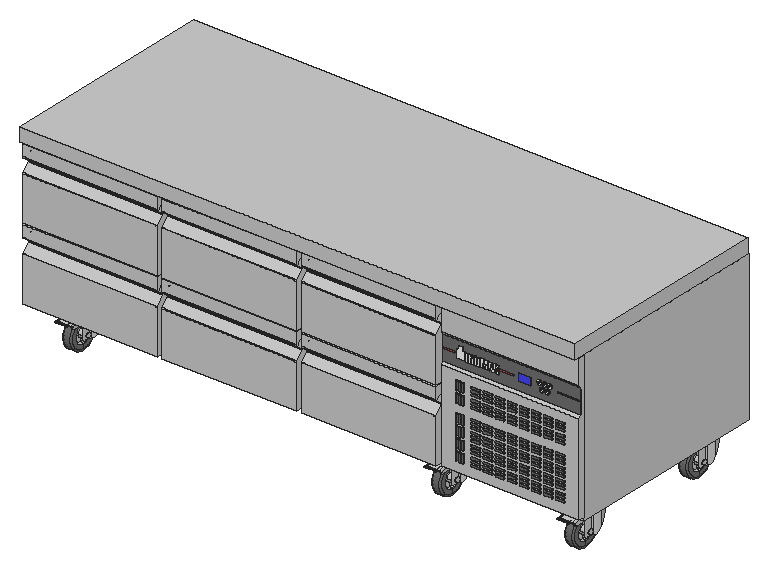
Revit family "QF_INOMAK_PWDP777_250528090058", category Specialty Equipment, Revit 2021 (continued)
Definition of nested family "QF_INOMAK_REF_COUNTERS_DOORS_DRAWERS_16014"
  Definition of nested family "Hinged_Doors"
    Automatic sketch dimensions
      Extrusion 1 sketch curve to Extrusion 1 sketch curve = 0 mm  (x2)
      Extrusion 1 sketch curve to plane 7 "Front legs" = 0 mm  (x2)
      plane 7 "Front legs" to Extrusion 1 sketch curve = 3 mm
      plane 7 "Front legs" to Extrusion 1 sketch curve = 3.461 mm
      plane 7 "Front legs" to Extrusion 1 sketch curve = 10 mm
      Extrusion 1 sketch curve to Extrusion 1 sketch curve = 7 mm
      plane 7 "Front legs" to Extrusion 1 sketch curve = 20 mm  (x2)
      Extrusion 1 sketch curve to Extrusion 1 sketch curve = 46.156 mm
      Extrusion 1 sketch curve to Extrusion 1 sketch curve = 15 mm
      Extrusion 1 sketch curve to Extrusion 1 sketch curve = 5.012 mm
      Extrusion 3 sketch curve to Extrusion 3 sketch curve = 0 mm  (x2)
      Extrusion 3 sketch curve to plane 7 "Front legs" = 0 mm  (x2)
      Extrusion 3 sketch curve to Extrusion 3 sketch curve = 3 mm
      plane 7 "Front legs" to Extrusion 3 sketch curve = 3.461 mm
      plane 7 "Front legs" to Extrusion 3 sketch curve = 10 mm
      Extrusion 3 sketch curve to Extrusion 3 sketch curve = 7 mm
      Extrusion 3 sketch curve to Extrusion 3 sketch curve = 16.539 mm
      Extrusion 3 sketch curve to Extrusion 3 sketch curve = 20 mm
      Extrusion 3 sketch curve to Extrusion 3 sketch curve = 46.156 mm
      Extrusion 3 sketch curve to Extrusion 3 sketch curve = 15 mm
      Extrusion 3 sketch curve to Extrusion 3 sketch curve = 5.012 mm
      Extrusion 4 sketch curve to plane 11 = 0 mm
      Extrusion 4 sketch curve to plane 7 "Front legs" = 0 mm
      Extrusion 4 sketch curve to plane 14 = 0 mm
  Definition of nested family "Hopper"
    Parameters (values of type "Hopper")
      URL = "www.specifiglobal.com"
      Top inset [instance] = 4 mm
      Right panel thickness [instance] = 35 mm
      Rear inset [instance] = 10 mm
      Plinth height [instance] = 150 mm
      Model = ""
      Manufacturer = "DEMO CONSULTANT"
      Length Actual [instance] = 700 mm
      Left panel thickness [instance] = 35 mm
      Hopper [instance] = Doors drawers type = 10  # yes
      Height Actual [instance] = 900 mm
      Front inset [instance] = 10 mm
      Finish [instance] = none
      Doors drawers type [instance] = 10
      Description = ""
      Depth Actual [instance] = 700 mm
      Default Elevation = 0 mm
      Bottom inset [instance] = 4 mm
      Assembly Code = "E1090320"
      2 Drawers = yes
    Reference planes
      plane 1 "Back": y = 0
      plane 2: z = 0
      plane 3 "Left": x = 0
      plane 4 "Right": x = 700
      plane 5 "Front": y = -700
      plane 6 "Top": z = 1050
      plane 7 "Front legs": y = -690
      plane 8 "Legs top": z = 150
      plane 9 "Backsplash thickness": y = -10
      plane 10 "Left panel": x = 35
      plane 11 "Right panel": x = 665
      plane 12: z = 1046
      plane 13: z = 154
    Forms (mm)
      Extrusion 1, solid, material <- "Finish", visible <- "Hopper"
        sketch origin (35, 0, 0) x (0, -1, 0) y (0, 0, 1)
          loop
            line (690, 154) -> (690, 960.365)
            arc (690, 960.365) -> (689.866, 961.037) -> (689.485, 961.607) r 1.757
            line (689.485, 961.607) -> (666.663, 984.429)
            arc (666.663, 984.429) -> (665.976, 985.458) -> (665.734, 986.672) r 3.172
            line (665.734, 986.672) -> (665.734, 1013.576)
            arc (665.734, 1013.576) -> (666.433, 1015.262) -> (668.119, 1015.961) r 2.385
            line (668.119, 1015.961) -> (680.029, 1015.961) -> (686.544, 1006.657)
            arc (686.544, 1006.657) -> (688.671, 1005.935) -> (690, 1007.747) r 1.9
            line (690, 1007.747) -> (690, 1046) -> (648, 1046) -> (648, 154) -> (690, 154)
        from 0 to -630
      Extrusion 2, solid, visible <- "Hopper", detail levels coarse
        sketch origin (35, 0, 0) x (0, -1, 0) y (0, 0, 1)
          loop
            line (690, 154) -> (1265, 154) -> (1265, 1046) -> (690, 1046) -> (690, 154)
        from 0 to -630
    Lines and regions (mm)
      symbolic lines, visible <- "Hopper"
        curve 1: line (35, -1225, 900) -> (35, -1265, 900)
        curve 2: line (35, -1265, 900) -> (665, -1265, 900)
        curve 3: line (665, -1265, 900) -> (665, -1225, 900)
        curve 4: line (665, -1225, 900) -> (35, -1225, 900)
        curve 5: line (635, -1225, 900) -> (635, -700, 900)
        curve 6: line (65, -1225, 900) -> (65, -700, 900)
    Dimensions and locks
      "Length Actual": plane 3 "Left" to plane 4 "Right"
      "Depth Actual": plane 5 "Front" to plane 1 "Back"
      "Height Actual": plane 6 "Top" to plane 8 "Legs top"
      "Front inset": plane 7 "Front legs" to plane 5 "Front"
      "Plinth height": plane 8 "Legs top" to plane 2
      "Rear inset": plane 9 "Backsplash thickness" to plane 1 "Back"
      "Right panel thickness": plane 11 "Right panel" to plane 4 "Right"
      "Left panel thickness": plane 3 "Left" to plane 10 "Left panel"
      "Top inset": plane 12 to plane 6 "Top"
      "Bottom inset": plane 13 to plane 8 "Legs top"
      aligned and locked: level to plane 2
      aligned and locked: Extrusion 1 to plane 11 "Right panel"
      aligned and locked: Extrusion 2 to plane 11 "Right panel"
      aligned and locked: plane 10 "Left panel" to Extrusion 2
      aligned and locked: Extrusion 1 sketch curve to plane 12
      aligned and locked: Extrusion 1 sketch curve to Extrusion 2
      aligned and locked: Extrusion 1 sketch curve to plane 13
    Automatic sketch dimensions
      Extrusion 1 sketch curve to Extrusion 1 sketch curve = 17.734 mm
      Extrusion 1 sketch curve to Extrusion 1 sketch curve = 0.929 mm
      Extrusion 1 sketch curve to Extrusion 1 sketch curve = 2.385 mm
      Extrusion 1 sketch curve to Extrusion 1 sketch curve = 3.172 mm
      Extrusion 1 sketch curve to Extrusion 1 sketch curve = 11.91 mm
      Extrusion 1 sketch curve to Extrusion 1 sketch curve = 6.515 mm
      Extrusion 1 sketch curve to Extrusion 1 sketch curve = 1.556 mm
      Extrusion 1 sketch curve to Extrusion 1 sketch curve = 21.58 mm
      Extrusion 1 sketch curve to Extrusion 1 sketch curve = 1.242 mm
      Extrusion 1 sketch curve to Extrusion 1 sketch curve = 1.9 mm
      Extrusion 1 sketch curve to Extrusion 1 sketch curve = 0.515 mm
      Extrusion 1 sketch curve to Extrusion 1 sketch curve = 22.822 mm
      Extrusion 1 sketch curve to Extrusion 1 sketch curve = 19.985 mm
      Extrusion 1 sketch curve to Extrusion 1 sketch curve = 6.919 mm
      Extrusion 1 sketch curve to Extrusion 1 sketch curve = 30.039 mm
      Extrusion 2 sketch curve to plane 7 "Front legs" = 0 mm
      plane 13 to Extrusion 2 sketch curve = 0 mm
      plane 12 to Extrusion 2 sketch curve = 0 mm
      Extrusion 2 sketch curve to plane 5 "Front" = 565 mm
      curve 1 to plane 10 "Left panel" = 0 mm
      curve 2 to plane 11 "Right panel" = 0 mm
      curve 6 to plane 5 "Front" = 0 mm
      curve 5 to plane 5 "Front" = 0 mm
      curve 4 to plane 5 "Front" = 525 mm
      curve 3 to curve 3 = 40 mm
      plane 11 "Right panel" to curve 5 = 30 mm
      curve 6 to plane 10 "Left panel" = 30 mm
Definition of nested family "QF_INOMAK_REF_COUNTERS_DOORS_DRAWERS_25485"
  Parameters (values of type "DR-LX-710")
    Weight [instance] = 0.00 kg
    Warranty Start Date [instance] = ""
    Warranty Duration [instance] = ""
    URL Cutsheet [instance] = ""
    URL = "www.inomak.com"
    Top inset [instance] = 10 mm
    Technical Documentation [instance] = ""
    Tag Number [instance] = ""
    Status [instance] = ""
    Specification by User [instance] = ""
    Specification by Manufacturer [instance] = ""
    Sound Level [instance] = ""
    Solid Fuel Type [instance] = ""
    Show Logo [instance] = yes
    Show Clearances [instance] = yes
    Service Life Duration [instance] = ""
    Serial Number [instance] = ""
    Seismic Rating [instance] = ""
    SMACNA No [instance] = ""
    Right panel thickness [instance] = 0 mm
    Revision Code [instance] = ""
    Revision [instance] = ""
    Rear inset [instance] = 0 mm
    Production Year [instance] = ""
    Point Load [instance] = 0
    Plinth height [instance] = 0 mm
    Other Equipment Approvals [instance] = ""
    NAFEM Spec ID Number [instance] = ""
    Model Warning [instance] = ""
    Model = "DR-LX-710"
    Masterspec [instance] = ""
    Manufacturer = "INOMAK"
    Length Actual [instance] = 435 mm
    Left panel thickness [instance] = 0 mm
    Item Number [instance] = ""
    Installed By [instance] = ""
    Installation Date [instance] = ""
    Identify Quantity as Lot [instance] = yes
    ID [instance] = ""
    Hygiene Approval [instance] = ""
    Height Actual [instance] = 710 mm
    Furnished By [instance] = ""
    Front inset [instance] = 10 mm
    Foodservice Equipment Identifier [instance] = yes
    Finish [instance] = none
    ETL Approved [instance] = yes
    Doors drawers type [instance] = 8
    Description = "LEFT HINGED DOOR"
    Depth Actual [instance] = 700 mm
    Default Elevation = 0 mm
    CSI MasterFormat [instance] = ""
    CE Approved [instance] = yes
    Bottom inset [instance] = 10 mm
    Barcode [instance] = ""
    Author [instance] = ""
    Asset Identifier [instance] = ""
    Assembly Code = "E1090320"
    Accessory [instance] = yes
  Types (9, lengths in mm): name | Model | Height Actual | Doors drawers type | Description
    DW-2-710 | "DW-2-710" | 710 | 4 | "2 X GN 1/2 DRAWERS"
    DR-LX-710 | "DR-LX-710" | 710 | 8 | "LEFT HINGED DOOR"
    DR-RX-710 | "DR-RX-710" | 710 | 9 | "RIGHT HINGED DOOR"
    DW-3-710 | "DW-3-710" | 710 | 6 | "3 X GN 1/3 DRAWERS"
    DW-B-710 | "DW-B-710" | 710 | 5 | "1 X GN 1/3 & 1 X GN 2/3 DRAWERS"
    DW-2-483 | "DW-2-483" | 483 | 4 | "2 X GN 1/3 DRAWERS"
    DR-LX-483 | "DR-LX-483" | 483 | 8 | "LEFT HINGED DOOR"
    DR-RX-483 | "DR-RX-483" | 483 | 9 | "RIGHT HINGED DOOR"
    DW-1-483 | "DW-1-483" | 483 | 10 | "1 X GN 2/3 DRAWER"
  Reference planes
    plane 1 "Front": y = 0
    plane 2: z = 0
    plane 3 "Left": x = 0
    plane 4 "Right": x = 435
    plane 5 "Back": y = 700
    plane 6 "Top": z = 710
    plane 7 "Bottom shelf": z = 0
    plane 8: z = 700
    plane 9: z = 10
    plane 10: x = 0
    plane 11: x = 435
    plane 12 "Center Top Bottom": z = 355
  Lines and regions (mm)
    reference lines
      curve 1: line (0, 0, 355) -> (0, 25, 355)
      curve 2: line (435, 0, 355) -> (435, 25, 355)
      curve 3: line (0, 700, 355) -> (435, 700, 355)
      curve 4: line (0, 0, 355) -> (435, 0, 355)
  Dimensions and locks
    "Length Actual": plane 3 "Left" to plane 4 "Right"
    "Depth Actual": plane 1 "Front" to plane 5 "Back"
    "Height Actual": plane 6 "Top" to plane 7 "Bottom shelf"
    "Plinth height": plane 7 "Bottom shelf" to plane 2
    "Top inset": plane 6 "Top" to plane 8
    "Bottom inset": plane 9 to plane 7 "Bottom shelf"
    "Left panel thickness": plane 3 "Left" to plane 10
    "Right panel thickness": plane 11 to plane 4 "Right"
    equal spacing: plane 6 "Top", plane 12 "Center Top Bottom", plane 7 "Bottom shelf"
    "Length Actual": curve 1 to plane 4 "Right"
    "Length Actual": plane 3 "Left" to curve 2
    "Depth Actual": plane 1 "Front" to curve 3
    "Depth Actual": plane 5 "Back" to curve 4
    aligned and locked: level to plane 2
    aligned and locked: plane 3 "Left" to nested 1
    aligned and locked: plane 3 "Left" to nested 2
    aligned and locked: plane 3 "Left" to nested 3
    aligned and locked: plane 3 "Left" to nested 4
    aligned and locked: plane 3 "Left" to nested 5
    aligned and locked: plane 3 "Left" to nested 6
    aligned and locked: plane 3 "Left" to nested 7
    aligned and locked: plane 3 "Left" to nested 8
    aligned and locked: plane 3 "Left" to nested 9
    aligned and locked: nested 4 to plane 1 "Front"
    aligned and locked: nested 6 to plane 1 "Front"
    aligned and locked: nested 8 to plane 1 "Front"
    aligned and locked: nested 5 to plane 1 "Front"
    aligned and locked: nested 3 to plane 1 "Front"
    aligned and locked: nested 7 to plane 1 "Front"
    aligned and locked: nested 2 to plane 1 "Front"
    aligned and locked: nested 1 to plane 1 "Front"
    aligned and locked: nested 9 to plane 1 "Front"
  Automatic sketch dimensions
    curve 3 to plane 4 "Right" = 0 mm
    curve 3 to plane 3 "Left" = 0 mm
    curve 2 to curve 2 = 25 mm
    curve 1 to curve 1 = 25 mm
  Nested families
    nested 1: "Right_Door" at (0, 700, 0), Depth Actual <- "Depth Actual", Height Actual <- "Height Actual", Length Actual <- "Length Actual", Front inset <- "Front inset", Rear inset <- "Rear inset", Left panel thickness <- "Left panel thickness", Right panel thickness <- "Right panel thickness", Doors drawers type <- "Doors drawers type", Plinth height <- "Plinth height", Top inset <- "Top inset", Bottom inset <- "Bottom inset", type "Right door"
      with Top inset 10 mm, Right panel thickness 0 mm, Right hand hinged door no, Rear inset 0 mm, Plinth height 0 mm, Length Actual 435 mm, Left panel thickness 0 mm, Height Actual 710 mm, Front inset 10 mm, Doors drawers type 8, Depth Actual 700 mm, Bottom inset 10 mm
    nested 2: "Left_Door" at (0, 700, 0), Depth Actual <- "Depth Actual", Height Actual <- "Height Actual", Length Actual <- "Length Actual", Front inset <- "Front inset", Rear inset <- "Rear inset", Left panel thickness <- "Left panel thickness", Right panel thickness <- "Right panel thickness", Doors drawers type <- "Doors drawers type", Plinth height <- "Plinth height", Top inset <- "Top inset", Bottom inset <- "Bottom inset", type "Left door"
      with Top inset 10 mm, Right panel thickness 0 mm, Rear inset 0 mm, Plinth height 0 mm, Length Actual 435 mm, Left panel thickness 0 mm, Left hand hinged door yes, Height Actual 710 mm, Front inset 10 mm, Doors drawers type 8, Depth Actual 700 mm, Bottom inset 10 mm
    nested 3: "3_Drawers_1-3" at (0, 700, 0), Depth Actual <- "Depth Actual", Height Actual <- "Height Actual", Length Actual <- "Length Actual", Front inset <- "Front inset", Rear inset <- "Rear inset", Left panel thickness <- "Left panel thickness", Right panel thickness <- "Right panel thickness", Doors drawers type <- "Doors drawers type", Plinth height <- "Plinth height", Top inset <- "Top inset", Bottom inset <- "Bottom inset", type "3 Drawers 1-3"
      with Top inset 10 mm, Right panel thickness 0 mm, Rear inset 0 mm, Plinth height 0 mm, Length Actual 435 mm, Left panel thickness 0 mm, Height Actual 710 mm, Front inset 10 mm, Doors drawers type 8, Depth Actual 700 mm, Bottom inset 10 mm, 3 Drawers no
    nested 4: "2_Drawers_1-2" at (0, 700, 0), Depth Actual <- "Depth Actual", Height Actual <- "Height Actual", Length Actual <- "Length Actual", Front inset <- "Front inset", Rear inset <- "Rear inset", Left panel thickness <- "Left panel thickness", Right panel thickness <- "Right panel thickness", Doors drawers type <- "Doors drawers type", Plinth height <- "Plinth height", Top inset <- "Top inset", Bottom inset <- "Bottom inset", type "2 Drawers 1-2"
      with Top inset 10 mm, Right panel thickness 0 mm, Rear inset 0 mm, Plinth height 0 mm, Length Actual 435 mm, Left panel thickness 0 mm, Height Actual 710 mm, Front inset 10 mm, Doors drawers type 8, Depth Actual 700 mm, Bottom inset 10 mm, 2 Drawers no
    nested 5: "2_Drawers_1-3_2-3" at (0, 700, 0), Depth Actual <- "Depth Actual", Height Actual <- "Height Actual", Length Actual <- "Length Actual", Front inset <- "Front inset", Rear inset <- "Rear inset", Left panel thickness <- "Left panel thickness", Right panel thickness <- "Right panel thickness", Doors drawers type <- "Doors drawers type", Plinth height <- "Plinth height", Top inset <- "Top inset", Bottom inset <- "Bottom inset", type "2 Drawers 1-3 and 2-3"
      with Top inset 10 mm, Right panel thickness 0 mm, Rear inset 0 mm, Plinth height 0 mm, Length Actual 435 mm, Left panel thickness 0 mm, Height Actual 710 mm, Front inset 10 mm, Doors drawers type 8, Depth Actual 700 mm, Bottom inset 10 mm, 2 Drawers 1-3 and 2-3 no
    nested 6: "Sliding_Doors" at (0, 700, 0), Depth Actual <- "Depth Actual", Height Actual <- "Height Actual", Length Actual <- "Length Actual", Front inset <- "Front inset", Rear inset <- "Rear inset", Left panel thickness <- "Left panel thickness", Right panel thickness <- "Right panel thickness", Doors drawers type <- "Doors drawers type", Plinth height <- "Plinth height", Top inset <- "Top inset", Bottom inset <- "Bottom inset", Finish <- "Finish", type "Sliding doors"
      with Top inset 10 mm, Sliding doors no, Right panel thickness 0 mm, Rear inset 0 mm, Plinth height 0 mm, Length Actual 435 mm, Left panel thickness 0 mm, Height Actual 710 mm, Front inset 10 mm, Finish none, Doors drawers type 8, Depth Actual 700 mm, Bottom inset 10 mm
    nested 7: "4_Drawers_1-4" at (0, 700, 0), Depth Actual <- "Depth Actual", Height Actual <- "Height Actual", Length Actual <- "Length Actual", Front inset <- "Front inset", Rear inset <- "Rear inset", Left panel thickness <- "Left panel thickness", Right panel thickness <- "Right panel thickness", Doors drawers type <- "Doors drawers type", Plinth height <- "Plinth height", Top inset <- "Top inset", Bottom inset <- "Bottom inset", Finish <- "Finish", type "4 Drawers 1-4"
      with Top inset 10 mm, Right panel thickness 0 mm, Rear inset 0 mm, Plinth height 0 mm, Length Actual 435 mm, Left panel thickness 0 mm, Height Actual 710 mm, Front inset 10 mm, Finish none, Doors drawers type 8, Depth Actual 700 mm, Bottom inset 10 mm, 4 Drawers no
    nested 8: "Hinged_Doors" at (0, 700, 0), Length Actual <- "Length Actual", Depth Actual <- "Depth Actual", Height Actual <- "Height Actual", Front inset <- "Front inset", Rear inset <- "Rear inset", Left panel thickness <- "Left panel thickness", Right panel thickness <- "Right panel thickness", Doors drawers type <- "Doors drawers type", Plinth height <- "Plinth height", Top inset <- "Top inset", Bottom inset <- "Bottom inset", Finish <- "Finish", type "Hinged doors"
      with Top inset 10 mm, Right panel thickness 0 mm, Rear inset 0 mm, Plinth height 0 mm, Length Actual 435 mm, Left panel thickness 0 mm, Hinged doors no, Height Actual 710 mm, Front inset 10 mm, Finish none, Doors drawers type 8, Depth Actual 700 mm, Bottom inset 10 mm
    nested 9: "Hopper" at (0, 700, 1.284), Length Actual <- "Length Actual", Depth Actual <- "Depth Actual", Height Actual <- "Height Actual", Front inset <- "Front inset", Rear inset <- "Rear inset", Left panel thickness <- "Left panel thickness", Right panel thickness <- "Right panel thickness", Doors drawers type <- "Doors drawers type", Plinth height <- "Plinth height", Top inset <- "Top inset", Bottom inset <- "Bottom inset", Finish <- "Finish", type "Hopper"
      with Top inset 10 mm, Right panel thickness 0 mm, Rear inset 0 mm, Plinth height 0 mm, Length Actual 435 mm, Left panel thickness 0 mm, Hopper no, Height Actual 710 mm, Front inset 10 mm, Finish none, Doors drawers type 8, Depth Actual 700 mm, Bottom inset 10 mm
  Definition of nested family "Left_Door"
    Parameters (values of type "Left door")
      URL = "www.specifiglobal.com"
      Top inset [instance] = 10 mm
      Right panel thickness [instance] = 0 mm
      Rear inset [instance] = 0 mm
      Plinth height [instance] = 150 mm
      Model = ""
      Manufacturer = "DEMO CONSULTANT"
      Length Actual [instance] = 700 mm
      Left panel thickness [instance] = 0 mm
      Left hand hinged door [instance] = Doors drawers type = 8  # yes
      Height Actual [instance] = 710 mm
      Front inset [instance] = 10 mm
      Finish = none
      Doors drawers type [instance] = 8
      Description = ""
      Depth Actual [instance] = 700 mm
      Default Elevation = 0 mm
      Bottom inset [instance] = 0 mm
      Assembly Code = "E1090320"
    Reference planes
      plane 1 "Back": y = 0
      plane 2: z = 0
      plane 3 "Left": x = 0
      plane 4 "Right": x = 700
      plane 5 "Front": y = -700
      plane 6 "Top": z = 860
      plane 7 "Front legs": y = -690
      plane 8 "Legs top": z = 150
      plane 9 "Backsplash thickness": y = 0
      plane 10 "Left panel": x = 0
      plane 11 "Right panel": x = 700
      plane 12: z = 850
      plane 13: z = 150
    Forms (mm)
      Extrusion 1, solid, material <- "Finish", visible <- "Left hand hinged door"
        sketch origin (0, 0, 0) x (0, -1, 0) y (0, 0, 1)
          loop
            line (690, 150) -> (690, 764.365)
            arc (690, 764.365) -> (689.866, 765.037) -> (689.485, 765.607) r 1.757
            line (689.485, 765.607) -> (666.663, 788.429)
            arc (666.663, 788.429) -> (665.976, 789.458) -> (665.734, 790.672) r 3.172
            line (665.734, 790.672) -> (665.734, 817.576)
            arc (665.734, 817.576) -> (666.433, 819.262) -> (668.119, 819.961) r 2.385
            line (668.119, 819.961) -> (680.029, 819.961) -> (686.544, 810.657)
            arc (686.544, 810.657) -> (688.671, 809.935) -> (690, 811.747) r 1.9
            line (690, 811.747) -> (690, 850) -> (648, 850) -> (648, 150) -> (690, 150)
        from 0 to -700
      Extrusion 2, solid, visible <- "Left hand hinged door", detail levels coarse
        sketch origin (0, -700, 150) x (-1, 0, 0) y (0, 1, 0)
          loop
            arc (-700, 10) -> (-495.871, -481.066) -> (0, -673.23) r 677.11
            line (0, -673.23) -> (0, 10) -> (-700, 10)
        from 0 to -700
    Lines and regions (mm)
      symbolic lines, visible <- "Left hand hinged door"
        curve 1: line (0, -700, 150) -> (0, -1373.247, 150)
        curve 2: arc (0, -1373.247, 150) -> (492.316, -1184.595, 150) -> (700, -700, 150) r 676.963
    Dimensions and locks
      "Length Actual": plane 3 "Left" to plane 4 "Right"
      "Depth Actual": plane 5 "Front" to plane 1 "Back"
      "Height Actual": plane 6 "Top" to plane 8 "Legs top"
      "Front inset": plane 7 "Front legs" to plane 5 "Front"
      "Plinth height": plane 8 "Legs top" to plane 2
      "Rear inset": plane 9 "Backsplash thickness" to plane 1 "Back"
      "Right panel thickness": plane 11 "Right panel" to plane 4 "Right"
      "Left panel thickness": plane 3 "Left" to plane 10 "Left panel"
      "Top inset": plane 6 "Top" to plane 12
      "Bottom inset": plane 13 to plane 8 "Legs top"
      aligned and locked: level to plane 2
      aligned and locked: Extrusion 1 to plane 11 "Right panel"
      aligned and locked: plane 10 "Left panel" to Extrusion 2 sketch curve
      aligned and locked: plane 11 "Right panel" to Extrusion 2 sketch curve
      aligned and locked: Extrusion 2 sketch curve to plane 10 "Left panel"
      aligned and locked: plane 7 "Front legs" to Extrusion 2 sketch curve
      aligned and locked: plane 7 "Front legs" to Extrusion 2
      aligned and locked: plane 10 "Left panel" to Extrusion 2
      aligned and locked: Extrusion 2 to plane 12
      aligned and locked: Extrusion 1 sketch curve to plane 13
      aligned and locked: Extrusion 1 sketch curve to plane 7 "Front legs"
      aligned and locked: Extrusion 1 sketch curve to plane 12
    Automatic sketch dimensions
      Extrusion 1 sketch curve to Extrusion 1 sketch curve = 1.556 mm
      Extrusion 1 sketch curve to Extrusion 1 sketch curve = 11.91 mm
      Extrusion 1 sketch curve to Extrusion 1 sketch curve = 2.243 mm
      Extrusion 1 sketch curve to Extrusion 1 sketch curve = 2.385 mm
      Extrusion 1 sketch curve to Extrusion 1 sketch curve = 20.119 mm
      Extrusion 1 sketch curve to Extrusion 1 sketch curve = 22.822 mm
      Extrusion 1 sketch curve to Extrusion 1 sketch curve = 19.985 mm
      Extrusion 1 sketch curve to Extrusion 1 sketch curve = 6.919 mm
      Extrusion 1 sketch curve to Extrusion 1 sketch curve = 30.039 mm
      plane 7 "Front legs" to Extrusion 1 sketch curve = 42 mm
      Extrusion 1 sketch curve to Extrusion 1 sketch curve = 0.929 mm
      Extrusion 1 sketch curve to Extrusion 1 sketch curve = 6.515 mm
      Extrusion 1 sketch curve to Extrusion 1 sketch curve = 1.242 mm
      Extrusion 1 sketch curve to Extrusion 1 sketch curve = 1.9 mm
      Extrusion 1 sketch curve to Extrusion 1 sketch curve = 0.515 mm
      plane 5 "Front" to Extrusion 2 sketch curve = 3.492 mm
      plane 3 "Left" to Extrusion 2 sketch curve = 22.921 mm
      curve 1 to plane 3 "Left" = 0 mm
      curve 2 to plane 4 "Right" = 0 mm
      curve 2 to plane 5 "Front" = 0 mm
      curve 1 to plane 5 "Front" = 0 mm
      plane 5 "Front" to curve 2 = 3.324 mm
      plane 3 "Left" to curve 2 = 23.045 mm
  Definition of nested family "Right_Door"
    Parameters (values of type "Right door")
      URL = "www.specifiglobal.com"
      Top inset [instance] = 4 mm
      Right panel thickness [instance] = 35 mm
      Right hand hinged door [instance] = Doors drawers type = 9  # yes
      Rear inset [instance] = 10 mm
      Plinth height [instance] = 150 mm
      Model = ""
      Manufacturer = "DEMO CONSULTANT"
      Length Actual [instance] = 1700 mm
      Left panel thickness [instance] = 35 mm
      Height Actual [instance] = 900 mm
      Front inset [instance] = 10 mm
      Finish = none
      Doors drawers type [instance] = 9
      Description = ""
      Depth Actual [instance] = 700 mm
      Default Elevation = 0 mm
      Bottom inset [instance] = 4 mm
      Assembly Code = "E1090320"
    Reference planes
      plane 1 "Back": y = 0
      plane 2: z = 0
      plane 3 "Left": x = 0
      plane 4 "Right": x = 1700
      plane 5 "Front": y = -700
      plane 6 "Top": z = 1050
      plane 7 "Front legs": y = -690
      plane 8 "Legs top": z = 150
      plane 9 "Backsplash thickness": y = -10
      plane 10 "Left panel": x = 35
      plane 11 "Right panel": x = 1665
      plane 12: z = 1046
      plane 13: z = 154
    Forms (mm)
      Extrusion 1, solid, material <- "Finish", visible <- "Right hand hinged door"
        sketch origin (35, 0, 0) x (0, -1, 0) y (0, 0, 1)
          loop
            line (690, 154) -> (690, 960.365)
            arc (690, 960.365) -> (689.866, 961.037) -> (689.485, 961.607) r 1.757
            line (689.485, 961.607) -> (666.663, 984.429)
            arc (666.663, 984.429) -> (665.976, 985.458) -> (665.734, 986.672) r 3.172
            line (665.734, 986.672) -> (665.734, 1013.576)
            arc (665.734, 1013.576) -> (666.433, 1015.262) -> (668.119, 1015.961) r 2.385
            line (668.119, 1015.961) -> (680.029, 1015.961) -> (686.544, 1006.657)
            arc (686.544, 1006.657) -> (688.671, 1005.935) -> (690, 1007.747) r 1.9
            line (690, 1007.747) -> (690, 1046) -> (648, 1046) -> (648, 154) -> (690, 154)
        from 0 to -1630
      Extrusion 2, solid, visible <- "Right hand hinged door", detail levels coarse
        sketch origin (0, -700, 154) x (-1, 0, 0) y (0, 1, 0)
          loop
            line (-1665, 10) -> (-1665, -1637.12)
            arc (-1665, -1637.12) -> (-517.894, -1142.214) -> (-35, 10) r 1670.236
            line (-35, 10) -> (-1665, 10)
        from 0 to -892
    Lines and regions (mm)
      symbolic lines, visible <- "Right hand hinged door"
        curve 1: line (1665, -2337.12, 150) -> (1665, -700, 150)
        curve 2: arc (1665, -2337.12, 150) -> (521.415, -1845.762, 150) -> (35.165, -699.995, 150) r 1670.236
    Dimensions and locks
      "Length Actual": plane 3 "Left" to plane 4 "Right"
      "Depth Actual": plane 5 "Front" to plane 1 "Back"
      "Height Actual": plane 6 "Top" to plane 8 "Legs top"
      "Front inset": plane 7 "Front legs" to plane 5 "Front"
      "Plinth height": plane 8 "Legs top" to plane 2
      "Rear inset": plane 9 "Backsplash thickness" to plane 1 "Back"
      "Right panel thickness": plane 11 "Right panel" to plane 4 "Right"
      "Left panel thickness": plane 3 "Left" to plane 10 "Left panel"
      "Top inset": plane 6 "Top" to plane 12
      "Bottom inset": plane 13 to plane 8 "Legs top"
      aligned and locked: level to plane 2
      aligned and locked: Extrusion 1 to plane 11 "Right panel"
      aligned and locked: plane 10 "Left panel" to Extrusion 2 sketch curve
      aligned and locked: plane 11 "Right panel" to Extrusion 2 sketch curve
      aligned and locked: plane 7 "Front legs" to Extrusion 2
      aligned and locked: plane 7 "Front legs" to Extrusion 2 sketch curve
      aligned and locked: Extrusion 2 sketch curve to plane 11 "Right panel"
      aligned and locked: curve 1 to Extrusion 2
      aligned and locked: plane 5 "Front" to curve 1
      aligned and locked: Extrusion 2 to plane 12
      aligned and locked: Extrusion 1 sketch curve to plane 12
      aligned and locked: Extrusion 1 sketch curve to plane 7 "Front legs"
      aligned and locked: Extrusion 1 sketch curve to plane 13
      aligned and locked: curve 2 to Extrusion 2
    Automatic sketch dimensions
      Extrusion 1 sketch curve to Extrusion 1 sketch curve = 1.556 mm
      Extrusion 1 sketch curve to Extrusion 1 sketch curve = 11.91 mm
      Extrusion 1 sketch curve to Extrusion 1 sketch curve = 2.243 mm
      Extrusion 1 sketch curve to Extrusion 1 sketch curve = 2.385 mm
      Extrusion 1 sketch curve to Extrusion 1 sketch curve = 20.119 mm
      Extrusion 1 sketch curve to Extrusion 1 sketch curve = 22.822 mm
      Extrusion 1 sketch curve to Extrusion 1 sketch curve = 19.985 mm
      Extrusion 1 sketch curve to Extrusion 1 sketch curve = 6.919 mm
      Extrusion 1 sketch curve to Extrusion 1 sketch curve = 30.039 mm
      plane 7 "Front legs" to Extrusion 1 sketch curve = 42 mm
      Extrusion 1 sketch curve to Extrusion 1 sketch curve = 0.929 mm
      Extrusion 1 sketch curve to Extrusion 1 sketch curve = 6.515 mm
      Extrusion 1 sketch curve to Extrusion 1 sketch curve = 1.242 mm
      Extrusion 1 sketch curve to Extrusion 1 sketch curve = 1.9 mm
      Extrusion 1 sketch curve to Extrusion 1 sketch curve = 0.515 mm
      Extrusion 2 sketch curve to plane 4 "Right" = 5.083 mm
      plane 7 "Front legs" to Extrusion 2 sketch curve = 22.635 mm
      plane 5 "Front" to curve 2 = 0.005 mm
  Definition of nested family "3_Drawers_1-3"
    Parameters (values of type "3 Drawers 1-3")
      URL = "www.specifiglobal.com"
      Top inset [instance] = 4 mm
      Right panel thickness [instance] = 35 mm
      Rear inset [instance] = 10 mm
      Plinth height [instance] = 150 mm
      Model = ""
      Manufacturer = "DEMO CONSULTANT"
      Length Actual [instance] = 1200 mm
      Left panel thickness [instance] = 35 mm
      Height Actual [instance] = 900 mm
      Front inset [instance] = 10 mm
      Finish = none
      Doors drawers type [instance] = 6
      Description = ""
      Depth Actual [instance] = 700 mm
      Default Elevation = 0 mm
      Bottom inset [instance] = 4 mm
      Assembly Code = "E1090320"
      3 Drawers [instance] = Doors drawers type = 6  # yes
    Reference planes
      plane 1 "Back": y = 0
      plane 2: z = 0
      plane 3 "Left": x = 0
      plane 4 "Right": x = 1200
      plane 5 "Front": y = -700
      plane 6 "Top": z = 1050
      plane 7 "Front legs": y = -690
      plane 8 "Legs top": z = 150
      plane 9 "Backsplash thickness": y = -10
      plane 10 "Left panel": x = 35
      plane 11 "Right panel": x = 1165
      plane 12: z = 749.333
      plane 13: z = 1046
      plane 14: z = 751.667
      plane 15: z = 747
      plane 16: z = 1048
      plane 17: z = 450.667
      plane 18: z = 453.333
      plane 19: z = 448
      plane 20: z = 154
      plane 21: z = 152
    Forms (mm)
      Extrusion 1, solid, material <- "Finish", visible <- "3 Drawers"
        sketch origin (35, 0, 0) x (0, -1, 0) y (0, 0, 1)
          loop
            line (690, 751.667) -> (690, 960.365)
            arc (690, 960.365) -> (689.866, 961.037) -> (689.485, 961.607) r 1.757
            line (689.485, 961.607) -> (666.663, 984.429)
            arc (666.663, 984.429) -> (665.976, 985.458) -> (665.734, 986.672) r 3.172
            line (665.734, 986.672) -> (665.734, 1013.576)
            arc (665.734, 1013.576) -> (666.433, 1015.262) -> (668.119, 1015.961) r 2.385
            line (668.119, 1015.961) -> (680.029, 1015.961) -> (686.544, 1006.657)
            arc (686.544, 1006.657) -> (688.671, 1005.935) -> (690, 1007.747) r 1.9
            line (690, 1007.747) -> (690, 1046) -> (648, 1046) -> (648, 751.667) -> (690, 751.667)
        from 0 to -1130
      Extrusion 2, solid, visible <- "3 Drawers", detail levels coarse
        sketch origin (0, -640.463, 751.667) x (0, 1, 0) y (-1, 0, 0)
          loop
            line (-49.537, -35) -> (-624.582, -35) -> (-624.582, -1165) -> (-49.537, -1165) -> (-49.537, -35)
        from 0 to 294.333
      Extrusion 3, solid, visible <- "3 Drawers", detail levels coarse
        sketch origin (0, -640.463, 453.333) x (0, 1, 0) y (-1, 0, 0)
          loop
            line (-49.537, -35) -> (-624.582, -35) -> (-624.582, -1165) -> (-49.537, -1165) -> (-49.537, -35)
        from 0 to 293.667
      Extrusion 4, solid, visible <- "3 Drawers", detail levels coarse
        sketch origin (0, -700, 154) x (-1, 0, 0) y (0, 1, 0)
          loop
            line (-35, 10) -> (-1165, 10) -> (-1165, -565.045) -> (-35, -565.045) -> (-35, 10)
        from 0 to -294
      Extrusion 5, solid, material <- "Finish", visible <- "3 Drawers"
        sketch origin (35, 0, -220.667) x (0, -1, 0) y (0, 0, 1)
          loop
            line (690, 674) -> (690, 882.031)
            arc (690, 882.031) -> (689.866, 882.704) -> (689.485, 883.274) r 1.757
            line (689.485, 883.274) -> (666.663, 906.096)
            arc (666.663, 906.096) -> (665.976, 907.125) -> (665.734, 908.339) r 3.172
            line (665.734, 908.339) -> (665.734, 935.243)
            arc (665.734, 935.243) -> (666.433, 936.929) -> (668.119, 937.628) r 2.385
            line (668.119, 937.628) -> (680.029, 937.628) -> (686.544, 928.324)
            arc (686.544, 928.324) -> (688.671, 927.602) -> (690, 929.414) r 1.9
            line (690, 929.414) -> (690, 967.667) -> (648, 967.667) -> (648, 674) -> (690, 674)
        from 0 to -1130
      Extrusion 6, solid, material <- "Finish", visible <- "3 Drawers"
        sketch origin (35, 0, -441.333) x (0, -1, 0) y (0, 0, 1)
          loop
            line (690, 595.333) -> (690, 800.031)
            arc (690, 800.031) -> (689.866, 800.704) -> (689.485, 801.274) r 1.757
            line (689.485, 801.274) -> (666.663, 824.096)
            arc (666.663, 824.096) -> (665.976, 825.125) -> (665.734, 826.339) r 3.172
            line (665.734, 826.339) -> (665.734, 857.243)
            arc (665.734, 857.243) -> (666.433, 858.929) -> (668.119, 859.628) r 2.385
            line (668.119, 859.628) -> (680.029, 859.628) -> (686.544, 850.324)
            arc (686.544, 850.324) -> (688.671, 849.602) -> (690, 851.414) r 1.9
            line (690, 851.414) -> (690, 889.333) -> (648, 889.333) -> (648, 595.333) -> (690, 595.333)
        from 0 to -1130
    Lines and regions (mm)
      symbolic lines, visible <- "3 Drawers"
        curve 1: line (35, -850, 900) -> (35, -890, 900)
        curve 2: line (35, -890, 900) -> (1165, -890, 900)
        curve 3: line (1165, -890, 900) -> (1165, -850, 900)
        curve 4: line (1165, -850, 900) -> (35, -850, 900)
        curve 5: line (1135, -850, 900) -> (1135, -700, 900)
        curve 6: line (65, -850, 900) -> (65, -700, 900)
        curve 7: line (35, -1040, 900) -> (35, -1080, 900)
        curve 8: line (35, -1080, 900) -> (1165, -1080, 900)
        curve 9: line (1165, -1080, 900) -> (1165, -1040, 900)
        curve 10: line (1165, -1040, 900) -> (35, -1040, 900)
        curve 11: line (1135, -1040, 900) -> (1135, -890, 900)
        curve 12: line (65, -1040, 900) -> (65, -890, 900)
        curve 13: line (35, -1225, 900) -> (35, -1265, 900)
        curve 14: line (35, -1265, 900) -> (1165, -1265, 900)
        curve 15: line (1165, -1265, 900) -> (1165, -1225, 900)
        curve 16: line (1165, -1225, 900) -> (35, -1225, 900)
        curve 17: line (1135, -1225, 900) -> (1135, -1080, 900)
        curve 18: line (65, -1225, 900) -> (65, -1080, 900)
    Dimensions and locks
      "Length Actual": plane 3 "Left" to plane 4 "Right"
      "Depth Actual": plane 5 "Front" to plane 1 "Back"
      "Height Actual": plane 6 "Top" to plane 8 "Legs top"
      "Front inset": plane 7 "Front legs" to plane 5 "Front"
      "Plinth height": plane 8 "Legs top" to plane 2
      "Rear inset": plane 9 "Backsplash thickness" to plane 1 "Back"
      "Right panel thickness": plane 11 "Right panel" to plane 4 "Right"
      "Left panel thickness": plane 3 "Left" to plane 10 "Left panel"
      plane 14 to plane 15 = 4.667 mm
      equal spacing: plane 14, plane 12, plane 15
      locked: plane 16 to plane 13 at 2
      equal spacing: plane 18, plane 17, plane 19
      plane 18 to plane 19 = 5.333 mm
      "Bottom inset": plane 20 to plane 8 "Legs top"
      equal spacing: plane 21, plane 17, plane 12, plane 16
      "Top inset": plane 13 to plane 6 "Top"
      locked: plane 21 to plane 20 at 2
      aligned and locked: level to plane 2
      aligned and locked: Extrusion 1 to plane 11 "Right panel"
      aligned and locked: plane 10 "Left panel" to curve 1
      aligned and locked: plane 10 "Left panel" to curve 7
      aligned and locked: plane 10 "Left panel" to curve 13
      aligned and locked: Extrusion 2 sketch curve to plane 10 "Left panel"
      aligned and locked: plane 11 "Right panel" to Extrusion 2 sketch curve
      aligned and locked: Extrusion 3 sketch curve to plane 10 "Left panel"
      aligned and locked: plane 11 "Right panel" to Extrusion 3 sketch curve
      aligned and locked: Extrusion 4 sketch curve to plane 10 "Left panel"
      aligned and locked: plane 11 "Right panel" to Extrusion 4 sketch curve
      aligned and locked: Extrusion 2 to plane 13
      aligned and locked: Extrusion 3 to plane 15
      aligned and locked: Extrusion 4 to plane 19
      aligned and locked: Extrusion 5 to plane 11 "Right panel"
      aligned and locked: Extrusion 6 to plane 11 "Right panel"
      aligned and locked: Extrusion 1 sketch curve to plane 13
      aligned and locked: Extrusion 1 sketch curve to plane 7 "Front legs"
      aligned and locked: plane 18 to Extrusion 5 sketch curve
      aligned and locked: Extrusion 6 sketch curve to Extrusion 4  (x2)
      aligned and locked: Extrusion 5 sketch curve to plane 15
      aligned and locked: Extrusion 4 to Extrusion 5 sketch curve
      aligned and locked: Extrusion 6 sketch curve to plane 19
      aligned and locked: Extrusion 6 sketch curve to plane 20
    Automatic sketch dimensions
      Extrusion 2 sketch curve to plane 7 "Front legs" = 0 mm
      Extrusion 2 sketch curve to plane 5 "Front" = 565.045 mm
      Extrusion 3 sketch curve to plane 7 "Front legs" = 0 mm
      Extrusion 3 sketch curve to plane 5 "Front" = 565.045 mm
      Extrusion 4 sketch curve to plane 7 "Front legs" = 0 mm
      Extrusion 4 sketch curve to plane 5 "Front" = 565.045 mm
      curve 14 to plane 11 "Right panel" = 0 mm
      curve 8 to plane 11 "Right panel" = 0 mm
      curve 3 to plane 11 "Right panel" = 0 mm
      curve 6 to plane 5 "Front" = 0 mm
      curve 5 to plane 5 "Front" = 0 mm
      curve 1 to plane 5 "Front" = 150 mm
      curve 2 to curve 3 = 40 mm
      curve 10 to curve 1 = 150 mm
      curve 9 to curve 9 = 40 mm
      curve 13 to curve 7 = 145 mm
      curve 14 to curve 13 = 40 mm
      curve 3 to curve 5 = 30 mm
      curve 15 to curve 17 = 30 mm
      curve 11 to curve 17 = 0 mm
      curve 6 to plane 10 "Left panel" = 30 mm
      curve 18 to plane 10 "Left panel" = 30 mm
      curve 12 to curve 18 = 0 mm
      Extrusion 1 sketch curve to plane 14 = 0 mm
      Extrusion 1 sketch curve to plane 7 "Front legs" = 0 mm
      plane 7 "Front legs" to Extrusion 1 sketch curve = 0.515 mm
      plane 7 "Front legs" to Extrusion 1 sketch curve = 1.757 mm
      plane 7 "Front legs" to Extrusion 1 sketch curve = 1.9 mm
      Extrusion 1 sketch curve to Extrusion 1 sketch curve = 1.556 mm
      plane 7 "Front legs" to Extrusion 1 sketch curve = 9.971 mm
      plane 7 "Front legs" to Extrusion 1 sketch curve = 21.094 mm
      Extrusion 1 sketch curve to Extrusion 1 sketch curve = 11.91 mm
      Extrusion 1 sketch curve to Extrusion 1 sketch curve = 2.243 mm
      Extrusion 1 sketch curve to Extrusion 1 sketch curve = 2.385 mm
      Extrusion 1 sketch curve to Extrusion 1 sketch curve = 20.119 mm
      plane 13 to Extrusion 1 sketch curve = 85.635 mm
      Extrusion 1 sketch curve to Extrusion 1 sketch curve = 22.822 mm
      Extrusion 1 sketch curve to Extrusion 1 sketch curve = 19.985 mm
      Extrusion 1 sketch curve to Extrusion 1 sketch curve = 6.919 mm
      plane 15 to Extrusion 5 sketch curve = 59.328 mm
      Extrusion 5 sketch curve to Extrusion 5 sketch curve = 17.734 mm
      plane 15 to Extrusion 5 sketch curve = 61.571 mm
      Extrusion 5 sketch curve to Extrusion 5 sketch curve = 0.929 mm
      Extrusion 5 sketch curve to Extrusion 5 sketch curve = 2.385 mm
      Extrusion 5 sketch curve to Extrusion 5 sketch curve = 11.91 mm
      Extrusion 5 sketch curve to Extrusion 5 sketch curve = 6.515 mm
      Extrusion 5 sketch curve to Extrusion 5 sketch curve = 1.556 mm
      Extrusion 5 sketch curve to Extrusion 5 sketch curve = 21.58 mm
      plane 15 to Extrusion 5 sketch curve = 84.393 mm
      Extrusion 5 sketch curve to Extrusion 5 sketch curve = 1.242 mm
      Extrusion 5 sketch curve to Extrusion 5 sketch curve = 1.9 mm
      Extrusion 5 sketch curve to Extrusion 5 sketch curve = 0.515 mm
      Extrusion 5 sketch curve to Extrusion 5 sketch curve = 6.919 mm
      Extrusion 5 sketch curve to Extrusion 5 sketch curve = 30.039 mm
      plane 7 "Front legs" to Extrusion 6 sketch curve = 0.515 mm
      plane 7 "Front legs" to Extrusion 6 sketch curve = 1.757 mm
      plane 7 "Front legs" to Extrusion 6 sketch curve = 1.9 mm
      Extrusion 6 sketch curve to Extrusion 6 sketch curve = 1.556 mm
      plane 7 "Front legs" to Extrusion 6 sketch curve = 9.971 mm
      plane 7 "Front legs" to Extrusion 6 sketch curve = 21.094 mm
      Extrusion 6 sketch curve to Extrusion 6 sketch curve = 11.91 mm
      Extrusion 6 sketch curve to Extrusion 6 sketch curve = 2.243 mm
      Extrusion 6 sketch curve to Extrusion 6 sketch curve = 2.385 mm
      Extrusion 6 sketch curve to Extrusion 6 sketch curve = 20.119 mm
      plane 19 to Extrusion 6 sketch curve = 89.302 mm
      Extrusion 6 sketch curve to Extrusion 6 sketch curve = 22.822 mm
      Extrusion 6 sketch curve to Extrusion 6 sketch curve = 23.985 mm
      Extrusion 6 sketch curve to Extrusion 6 sketch curve = 6.919 mm
  Definition of nested family "2_Drawers_1-2"
    Parameters (values of type "2 Drawers 1-2")
      URL = "www.specifiglobal.com"
      Top inset [instance] = 4 mm
      Right panel thickness [instance] = 35 mm
      Rear inset [instance] = 10 mm
      Plinth height [instance] = 150 mm
      Model = ""
      Manufacturer = "DEMO CONSULTANT"
      Length Actual [instance] = 1200 mm
      Left panel thickness [instance] = 35 mm
      Height Actual [instance] = 900 mm
      Front inset [instance] = 10 mm
      Finish = none
      Doors drawers type [instance] = 4
      Description = ""
      Depth Actual [instance] = 700 mm
      Default Elevation = 0 mm
      Bottom inset [instance] = 4 mm
      Assembly Code = "E1090320"
      2 Drawers [instance] = Doors drawers type = 4  # yes
    Reference planes
      plane 1 "Back": y = 0
      plane 2: z = 0
      plane 3 "Left": x = 0
      plane 4 "Right": x = 1200
      plane 5 "Front": y = -700
      plane 6 "Top": z = 1050
      plane 7 "Front legs": y = -690
      plane 8 "Legs top": z = 150
      plane 9 "Backsplash thickness": y = -10
      plane 10 "Left panel": x = 35
      plane 11 "Right panel": x = 1165
      plane 12: z = 600
      plane 13: z = 1046
      plane 14: z = 602
      plane 15: z = 598
      plane 16: z = 154
    Forms (mm)
      Extrusion 1, solid, material <- "Finish", visible <- "2 Drawers"
        sketch origin (35, 0, 0) x (0, -1, 0) y (0, 0, 1)
          loop
            line (690, 602) -> (690, 960.365)
            arc (690, 960.365) -> (689.866, 961.037) -> (689.485, 961.607) r 1.757
            line (689.485, 961.607) -> (666.663, 984.429)
            arc (666.663, 984.429) -> (665.976, 985.458) -> (665.734, 986.672) r 3.172
            line (665.734, 986.672) -> (665.734, 1013.576)
            arc (665.734, 1013.576) -> (666.433, 1015.262) -> (668.119, 1015.961) r 2.385
            line (668.119, 1015.961) -> (680.029, 1015.961) -> (686.544, 1006.657)
            arc (686.544, 1006.657) -> (688.671, 1005.935) -> (690, 1007.747) r 1.9
            line (690, 1007.747) -> (690, 1046) -> (648, 1046) -> (648, 602) -> (690, 602)
        from 0 to -1130
      Extrusion 2, solid, visible <- "2 Drawers", detail levels coarse
        sketch origin (0, -640.463, 602) x (0, 1, 0) y (-1, 0, 0)
          loop
            line (-49.537, -35) -> (-624.537, -35) -> (-624.537, -1165) -> (-49.537, -1165) -> (-49.537, -35)
        from 0 to 444
      Extrusion 3, solid, visible <- "2 Drawers", detail levels coarse
        sketch origin (0, -700, 154) x (-1, 0, 0) y (0, 1, 0)
          loop
            line (-35, 10) -> (-1165, 10) -> (-1165, -565) -> (-35, -565) -> (-35, 10)
        from 0 to -444
      Extrusion 4, solid, material <- "Finish", visible <- "2 Drawers"
        sketch origin (35, 0, -441.333) x (0, -1, 0) y (0, 0, 1)
          loop
            line (690, 595.333) -> (690, 953.698)
            arc (690, 953.698) -> (689.866, 954.37) -> (689.485, 954.94) r 1.757
            line (689.485, 954.94) -> (666.663, 977.763)
            arc (666.663, 977.763) -> (665.976, 978.792) -> (665.734, 980.006) r 3.172
            line (665.734, 980.006) -> (665.734, 1006.909)
            arc (665.734, 1006.909) -> (666.433, 1008.596) -> (668.119, 1009.294) r 2.385
            line (668.119, 1009.294) -> (680.029, 1009.294) -> (686.544, 999.991)
            arc (686.544, 999.991) -> (688.671, 999.268) -> (690, 1001.08) r 1.9
            line (690, 1001.08) -> (690, 1039.333) -> (648, 1039.333) -> (648, 595.333) -> (690, 595.333)
        from 0 to -1130
    Lines and regions (mm)
      symbolic lines, visible <- "2 Drawers"
        curve 1: line (35, -940, 900) -> (35, -980, 900)
        curve 2: line (35, -980, 900) -> (1165, -980, 900)
        curve 3: line (1165, -980, 900) -> (1165, -940, 900)
        curve 4: line (1165, -940, 900) -> (35, -940, 900)
        curve 5: line (1135, -940, 900) -> (1135, -700, 900)
        curve 6: line (65, -940, 900) -> (65, -700, 900)
        curve 7: line (35, -1225, 900) -> (35, -1265, 900)
        curve 8: line (35, -1265, 900) -> (1165, -1265, 900)
        curve 9: line (1165, -1265, 900) -> (1165, -1225, 900)
        curve 10: line (1165, -1225, 900) -> (35, -1225, 900)
        curve 11: line (1135, -1225, 900) -> (1135, -980, 900)
        curve 12: line (65, -1225, 900) -> (65, -980, 900)
    Dimensions and locks
      "Length Actual": plane 3 "Left" to plane 4 "Right"
      "Depth Actual": plane 5 "Front" to plane 1 "Back"
      "Height Actual": plane 6 "Top" to plane 8 "Legs top"
      "Front inset": plane 7 "Front legs" to plane 5 "Front"
      "Plinth height": plane 8 "Legs top" to plane 2
      "Rear inset": plane 9 "Backsplash thickness" to plane 1 "Back"
      "Right panel thickness": plane 11 "Right panel" to plane 4 "Right"
      "Left panel thickness": plane 3 "Left" to plane 10 "Left panel"
      "Top inset": plane 6 "Top" to plane 13
      "Bottom inset": plane 16 to plane 8 "Legs top"
      equal spacing: plane 16, plane 12, plane 13
      locked: plane 14 to plane 12 at 2
      locked: plane 15 to plane 12 at 2
      aligned and locked: level to plane 2
      aligned and locked: Extrusion 1 to plane 11 "Right panel"
      aligned and locked: plane 10 "Left panel" to curve 1
      aligned and locked: plane 10 "Left panel" to curve 7
      aligned and locked: Extrusion 2 sketch curve to plane 10 "Left panel"
      aligned and locked: plane 11 "Right panel" to Extrusion 2 sketch curve
      aligned and locked: Extrusion 3 sketch curve to plane 10 "Left panel"
      aligned and locked: plane 11 "Right panel" to Extrusion 3 sketch curve
      aligned and locked: Extrusion 2 to plane 13
      aligned and locked: Extrusion 4 to plane 11 "Right panel"
      aligned and locked: Extrusion 3 to plane 15
      aligned and locked: Extrusion 1 sketch curve to plane 13
      aligned and locked: Extrusion 1 sketch curve to plane 7 "Front legs"
      aligned and locked: plane 14 to Extrusion 1 sketch curve
      aligned and locked: Extrusion 4 sketch curve to plane 15
      aligned and locked: Extrusion 4 sketch curve to plane 7 "Front legs"
      aligned and locked: Extrusion 4 sketch curve to plane 16
    Automatic sketch dimensions
      Extrusion 2 sketch curve to plane 7 "Front legs" = 0 mm
      Extrusion 2 sketch curve to plane 5 "Front" = 565 mm
      Extrusion 3 sketch curve to plane 7 "Front legs" = 0 mm
      Extrusion 3 sketch curve to plane 5 "Front" = 565 mm
      curve 9 to plane 11 "Right panel" = 0 mm
      curve 2 to plane 11 "Right panel" = 0 mm
      curve 5 to plane 5 "Front" = 0 mm
      curve 6 to plane 5 "Front" = 0 mm
      curve 1 to plane 5 "Front" = 240 mm
      curve 3 to curve 3 = 40 mm
      curve 7 to curve 1 = 245 mm
      curve 8 to curve 9 = 40 mm
      plane 11 "Right panel" to curve 5 = 30 mm
      curve 2 to curve 11 = 30 mm
      curve 6 to plane 10 "Left panel" = 30 mm
      curve 12 to plane 10 "Left panel" = 30 mm
      Extrusion 1 sketch curve to Extrusion 1 sketch curve = 17.734 mm
      Extrusion 1 sketch curve to Extrusion 1 sketch curve = 0.929 mm
      Extrusion 1 sketch curve to Extrusion 1 sketch curve = 2.385 mm
      Extrusion 1 sketch curve to Extrusion 1 sketch curve = 3.172 mm
      Extrusion 1 sketch curve to Extrusion 1 sketch curve = 11.91 mm
      Extrusion 1 sketch curve to Extrusion 1 sketch curve = 6.515 mm
      Extrusion 1 sketch curve to Extrusion 1 sketch curve = 1.556 mm
      Extrusion 1 sketch curve to Extrusion 1 sketch curve = 21.58 mm
      Extrusion 1 sketch curve to Extrusion 1 sketch curve = 1.242 mm
      Extrusion 1 sketch curve to Extrusion 1 sketch curve = 1.9 mm
      Extrusion 1 sketch curve to Extrusion 1 sketch curve = 0.515 mm
      Extrusion 1 sketch curve to Extrusion 1 sketch curve = 22.822 mm
      Extrusion 1 sketch curve to Extrusion 1 sketch curve = 19.985 mm
      Extrusion 1 sketch curve to Extrusion 1 sketch curve = 6.919 mm
      Extrusion 1 sketch curve to Extrusion 1 sketch curve = 30.039 mm
      Extrusion 4 sketch curve to plane 7 "Front legs" = 0 mm
      plane 7 "Front legs" to Extrusion 4 sketch curve = 0.515 mm
      plane 7 "Front legs" to Extrusion 4 sketch curve = 1.757 mm
      plane 7 "Front legs" to Extrusion 4 sketch curve = 1.9 mm
      Extrusion 4 sketch curve to Extrusion 4 sketch curve = 1.556 mm
      plane 7 "Front legs" to Extrusion 4 sketch curve = 9.971 mm
      plane 7 "Front legs" to Extrusion 4 sketch curve = 21.094 mm
      Extrusion 4 sketch curve to Extrusion 4 sketch curve = 11.91 mm
      Extrusion 4 sketch curve to Extrusion 4 sketch curve = 2.243 mm
      Extrusion 4 sketch curve to Extrusion 4 sketch curve = 2.385 mm
      Extrusion 4 sketch curve to Extrusion 4 sketch curve = 20.119 mm
      Extrusion 4 sketch curve to Extrusion 4 sketch curve = 22.822 mm
      Extrusion 4 sketch curve to Extrusion 4 sketch curve = 19.985 mm
      Extrusion 4 sketch curve to Extrusion 4 sketch curve = 6.919 mm
      Extrusion 4 sketch curve to Extrusion 4 sketch curve = 30.039 mm
  Definition of nested family "2_Drawers_1-3_2-3"
    Parameters (values of type "2 Drawers 1-3 and 2-3")
      URL = "www.specifiglobal.com"
      Top inset [instance] = 4 mm
      Right panel thickness [instance] = 35 mm
      Rear inset [instance] = 10 mm
      Plinth height [instance] = 150 mm
      Model = ""
      Manufacturer = "DEMO CONSULTANT"
      Length Actual [instance] = 1200 mm
      Left panel thickness [instance] = 35 mm
      Height Actual [instance] = 900 mm
      Front inset [instance] = 10 mm
      Finish = none
      Doors drawers type [instance] = 5
      Description = ""
      Depth Actual [instance] = 700 mm
      Default Elevation = 0 mm
      Bottom inset [instance] = 4 mm
      Assembly Code = "E1090320"
      2 Drawers 1-3 and 2-3 [instance] = Doors drawers type = 5  # yes
    Reference planes
      plane 1 "Back": y = 0
      plane 2: z = 0
      plane 3 "Left": x = 0
      plane 4 "Right": x = 1200
      plane 5 "Front": y = -700
      plane 6 "Top": z = 1050
      plane 7 "Front legs": y = -690
      plane 8 "Legs top": z = 150
      plane 9 "Backsplash thickness": y = -10
      plane 10 "Left panel": x = 35
      plane 11 "Right panel": x = 1165
      plane 12: z = 1046
      plane 13: z = 751.833
      plane 14: z = 746.833
      plane 15: z = 154
      plane 16: z = 450.667
      plane 17: z = 152
      plane 18: z = 1048
      plane 19: z = 749.333
    Forms (mm)
      Extrusion 1, solid, material <- "Finish", visible <- "2 Drawers 1-3 and 2-3"
        sketch origin (35, 0, 0) x (0, -1, 0) y (0, 0, 1)
          loop
            line (690, 751.833) -> (690, 960.365)
            arc (690, 960.365) -> (689.866, 961.037) -> (689.485, 961.607) r 1.757
            line (689.485, 961.607) -> (666.663, 984.429)
            arc (666.663, 984.429) -> (665.976, 985.458) -> (665.734, 986.672) r 3.172
            line (665.734, 986.672) -> (665.734, 1013.576)
            arc (665.734, 1013.576) -> (666.433, 1015.262) -> (668.119, 1015.961) r 2.385
            line (668.119, 1015.961) -> (680.029, 1015.961) -> (686.544, 1006.657)
            arc (686.544, 1006.657) -> (688.671, 1005.935) -> (690, 1007.747) r 1.9
            line (690, 1007.747) -> (690, 1046) -> (648, 1046) -> (648, 751.833) -> (690, 751.833)
        from 0 to -1130
      Extrusion 2, solid, visible <- "2 Drawers 1-3 and 2-3", detail levels coarse
        sketch origin (0, -640.463, 751.833) x (0, 1, 0) y (-1, 0, 0)
          loop
            line (-49.537, -35) -> (-624.537, -35) -> (-624.537, -1165) -> (-49.537, -1165) -> (-49.537, -35)
        from 0 to 294.167
      Extrusion 3, solid, visible <- "2 Drawers 1-3 and 2-3", detail levels coarse
        sketch origin (0, -700, 154) x (-1, 0, 0) y (0, 1, 0)
          loop
            line (-35, 10) -> (-1165, 10) -> (-1165, -565) -> (-35, -565) -> (-35, 10)
        from 0 to -592.833
      Extrusion 4, solid, material <- "Finish", visible <- "2 Drawers 1-3 and 2-3"
        sketch origin (35, 0, -441.333) x (0, -1, 0) y (0, 0, 1)
          loop
            line (690, 595.333) -> (690, 1101.698)
            arc (690, 1101.698) -> (689.866, 1102.37) -> (689.485, 1102.94) r 1.757
            line (689.485, 1102.94) -> (666.663, 1126.596)
            arc (666.663, 1126.596) -> (665.976, 1127.625) -> (665.734, 1128.839) r 3.172
            line (665.734, 1128.839) -> (665.734, 1155.743)
            arc (665.734, 1155.743) -> (666.433, 1157.429) -> (668.119, 1158.128) r 2.385
            line (668.119, 1158.128) -> (680.029, 1158.128) -> (686.544, 1148.824)
            arc (686.544, 1148.824) -> (688.671, 1148.102) -> (690, 1149.914) r 1.9
            line (690, 1149.914) -> (690, 1188.167) -> (648, 1188.167) -> (648, 595.333) -> (690, 595.333)
        from 0 to -1130
    Lines and regions (mm)
      symbolic lines, visible <- "2 Drawers 1-3 and 2-3"
        curve 1: line (35, -1000, 900) -> (35, -1040, 900)
        curve 2: line (35, -1040, 900) -> (1165, -1040, 900)
        curve 3: line (1165, -1040, 900) -> (1165, -1000, 900)
        curve 4: line (1165, -1000, 900) -> (35, -1000, 900)
        curve 5: line (1135, -1000, 900) -> (1135, -700, 900)
        curve 6: line (65, -1000, 900) -> (65, -700, 900)
        curve 7: line (35, -1225, 900) -> (35, -1265, 900)
        curve 8: line (35, -1265, 900) -> (1165, -1265, 900)
        curve 9: line (1165, -1265, 900) -> (1165, -1225, 900)
        curve 10: line (1165, -1225, 900) -> (35, -1225, 900)
        curve 11: line (1135, -1225, 900) -> (1135, -1040, 900)
        curve 12: line (65, -1225, 900) -> (65, -1040, 900)
    Dimensions and locks
      "Length Actual": plane 3 "Left" to plane 4 "Right"
      "Depth Actual": plane 5 "Front" to plane 1 "Back"
      "Height Actual": plane 6 "Top" to plane 8 "Legs top"
      "Front inset": plane 7 "Front legs" to plane 5 "Front"
      "Plinth height": plane 8 "Legs top" to plane 2
      "Rear inset": plane 9 "Backsplash thickness" to plane 1 "Back"
      "Right panel thickness": plane 11 "Right panel" to plane 4 "Right"
      "Left panel thickness": plane 3 "Left" to plane 10 "Left panel"
      "Top inset": plane 6 "Top" to plane 12
      locked: plane 13 to plane 14 at 5
      "Bottom inset": plane 15 to plane 8 "Legs top"
      equal spacing: plane 17, plane 16, plane 19, plane 18
      equal spacing: plane 12, plane 18, plane 6 "Top"
      equal spacing: plane 14, plane 19, plane 13
      equal spacing: plane 15, plane 17, plane 8 "Legs top"
      aligned and locked: level to plane 2
      aligned and locked: Extrusion 1 to plane 11 "Right panel"
      aligned and locked: plane 10 "Left panel" to curve 1
      aligned and locked: plane 10 "Left panel" to curve 7
      aligned and locked: Extrusion 2 sketch curve to plane 10 "Left panel"
      aligned and locked: plane 11 "Right panel" to Extrusion 2 sketch curve
      aligned and locked: Extrusion 3 sketch curve to plane 10 "Left panel"
      aligned and locked: plane 11 "Right panel" to Extrusion 3 sketch curve
      aligned and locked: Extrusion 2 to plane 12
      aligned and locked: Extrusion 4 to plane 11 "Right panel"
      aligned and locked: Extrusion 3 to plane 14
      aligned and locked: plane 13 to Extrusion 1 sketch curve
      aligned and locked: Extrusion 2 to Extrusion 1 sketch curve
      aligned and locked: Extrusion 3 to Extrusion 4 sketch curve
      aligned and locked: Extrusion 4 sketch curve to Extrusion 3  (x2)
      aligned and locked: Extrusion 1 sketch curve to plane 7 "Front legs"
    Automatic sketch dimensions
      Extrusion 2 sketch curve to plane 7 "Front legs" = 0 mm
      Extrusion 2 sketch curve to plane 5 "Front" = 565 mm
      Extrusion 3 sketch curve to plane 7 "Front legs" = 0 mm
      Extrusion 3 sketch curve to plane 5 "Front" = 565 mm
      curve 9 to plane 11 "Right panel" = 0 mm
      curve 2 to plane 11 "Right panel" = 0 mm
      curve 5 to plane 5 "Front" = 0 mm
      curve 6 to plane 5 "Front" = 0 mm
      curve 1 to plane 5 "Front" = 300 mm
      curve 3 to curve 3 = 40 mm
      curve 7 to curve 1 = 185 mm
      curve 8 to curve 9 = 40 mm
      plane 11 "Right panel" to curve 5 = 30 mm
      curve 11 to curve 5 = 0 mm
      curve 6 to plane 10 "Left panel" = 30 mm
      curve 12 to curve 6 = 0 mm
      Extrusion 1 sketch curve to plane 7 "Front legs" = 0 mm
      plane 7 "Front legs" to Extrusion 1 sketch curve = 0.515 mm
      plane 7 "Front legs" to Extrusion 1 sketch curve = 1.757 mm
      plane 7 "Front legs" to Extrusion 1 sketch curve = 1.9 mm
      Extrusion 1 sketch curve to Extrusion 1 sketch curve = 1.556 mm
      plane 7 "Front legs" to Extrusion 1 sketch curve = 9.971 mm
      plane 7 "Front legs" to Extrusion 1 sketch curve = 21.094 mm
      Extrusion 1 sketch curve to Extrusion 1 sketch curve = 11.91 mm
      Extrusion 1 sketch curve to Extrusion 1 sketch curve = 2.243 mm
      Extrusion 1 sketch curve to Extrusion 1 sketch curve = 2.385 mm
      Extrusion 1 sketch curve to Extrusion 1 sketch curve = 20.119 mm
      plane 12 to Extrusion 1 sketch curve = 85.635 mm
      Extrusion 1 sketch curve to Extrusion 1 sketch curve = 22.822 mm
      Extrusion 1 sketch curve to Extrusion 1 sketch curve = 19.985 mm
      Extrusion 1 sketch curve to Extrusion 1 sketch curve = 6.919 mm
      plane 12 to Extrusion 1 sketch curve = 0 mm
      Extrusion 4 sketch curve to plane 7 "Front legs" = 0 mm
      plane 7 "Front legs" to Extrusion 4 sketch curve = 0.515 mm
      plane 7 "Front legs" to Extrusion 4 sketch curve = 1.9 mm
      Extrusion 4 sketch curve to Extrusion 4 sketch curve = 1.556 mm
      plane 7 "Front legs" to Extrusion 4 sketch curve = 9.971 mm
      plane 7 "Front legs" to Extrusion 4 sketch curve = 21.094 mm
      Extrusion 4 sketch curve to Extrusion 4 sketch curve = 11.91 mm
      Extrusion 4 sketch curve to Extrusion 4 sketch curve = 2.243 mm
      Extrusion 4 sketch curve to Extrusion 4 sketch curve = 2.385 mm
      Extrusion 4 sketch curve to Extrusion 4 sketch curve = 20.119 mm
      Extrusion 4 sketch curve to Extrusion 4 sketch curve = 86.469 mm
      Extrusion 4 sketch curve to Extrusion 4 sketch curve = 23.656 mm
      Extrusion 4 sketch curve to Extrusion 4 sketch curve = 19.985 mm
      Extrusion 4 sketch curve to Extrusion 4 sketch curve = 6.919 mm
      plane 7 "Front legs" to Extrusion 4 sketch curve = 1.757 mm
  Definition of nested family "Sliding_Doors"
    Parameters (values of type "Sliding doors")
      URL = "www.specifiglobal.com"
      Top inset [instance] = 4 mm
      Sliding doors [instance] = Doors drawers type = 2  # yes
      Right panel thickness [instance] = 35 mm
      Rear inset [instance] = 10 mm
      Plinth height [instance] = 150 mm
      Model = ""
      Manufacturer = "DEMO CONSULTANT"
      Length Actual [instance] = 1200 mm
      Left panel thickness [instance] = 35 mm
      Height Actual [instance] = 900 mm
      Front inset [instance] = 10 mm
      Finish [instance] = none
      Doors drawers type [instance] = 2
      Description = ""
      Depth Actual [instance] = 700 mm
      Default Elevation = 0 mm
      Bottom inset [instance] = 4 mm
      Assembly Code = "E1090320"
    Reference planes
      plane 1 "Back": y = 0
      plane 2: z = 0
      plane 3 "Left": x = 0
      plane 4 "Right": x = 1200
      plane 5 "Front": y = -700
      plane 6 "Top": z = 1050
